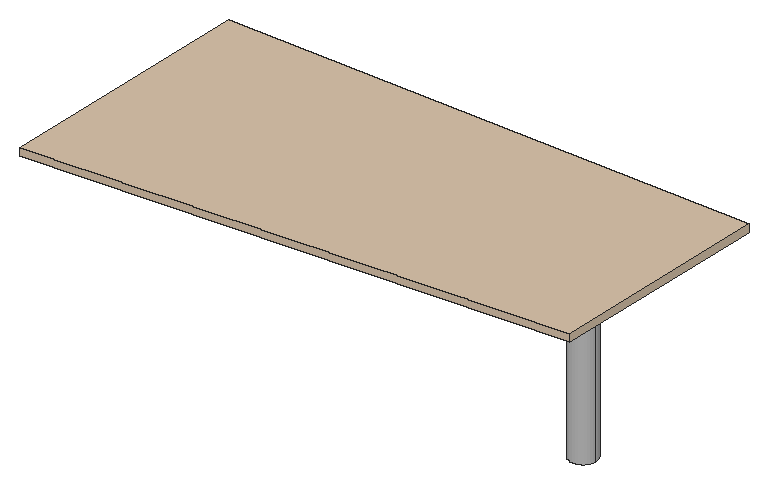
Revit family "Haworth_Masters_ConvergentWorktop-Wedge", category Furniture Systems, Revit 2018
Family settings
  Round Connector Dimension = Use Diameter
  Part Type = Normal
  OmniClass Number = 23.40.70.14.64.21
  OmniClass Title = Systems Furniture
  Work Plane-Based = No
  Always vertical = Yes
  Cut with Voids When Loaded = No
  Shared = No
  Room Calculation Point = No
Parameters (values of type "42d 84w Convergent Worktop - Wedge-Column Support")
  Worksurface Finish [instance] = Haworth _ Wood _ White Oak
  Worksurface Edge Finish [instance] = Haworth _ Wood _ White Oak
  Warranty = "http://www.haworth.com/resources/product-info/warranties"
  URL - Product = "http://www.haworth.com/products/desks/freestanding/masters-series"
  Symbolic Lines = or(Height Adjustable, Hoop Leg)  # no
  Sustainability Info = "http://media.haworth.com/asset/94814/Masters%20series%20PEDS.pdf"
  Support Column = yes
  Leg Finish = Haworth _ Paint _ Metallic Champagne
  Model = "Masters"
  Min. Depth = if(Height Adjustable, 41", 42")  # 42"
  Max. Depth = if(Height Adjustable, 47", 48")  # 48"
  Hoop Leg = not(or(Support Column, Height Adjustable))  # no
  Height Adjustable = no
  Height = 30"
  Width = 84"
  URL = "http://www.haworth.com/"
  Support Height = Actual Height - Worksurface Thickness  # 28 13/16"
  Size = "Verify Final Dim. w/ Haworth"  # constant formula
  Revision Number = "1"  # constant formula
  Min/Max Width = if(Height Adjustable, "58-82 in. @ 6 in. Increments", "60-84 in. @ 6 in. Increments")  # "60-84 in. @ 6 in. Increments"
  Min/Max Height = "28 11/16-32 11/16 in."  # constant formula
  Min. Width = if(Height Adjustable, 58", 60")  # 60"
  Max. Width = if(Height Adjustable, 82", 84")  # 84"
  Min. Height = 28 11/16"  # constant formula
  Max. Height = if(Height Adjustable, 46" + Worksurface Thickness, 31 1/2" + Worksurface Thickness)  # 32 11/16"
  Manufacturer = "Haworth"  # constant formula
  Support Offset = 1 1/4"  # constant formula
  Description = "Masters Worksurface Wedge"
  Depth = 42"
  Custom Size = if(Height Adjustable, not(or(and(Depth = 41", or(Width = 58", Width = 64", Width = 70", Width = 76", Width = 82")), and(Depth = 47", or(Width = 58", Width = 64", Width = 70", Width = 76", Width = 82")))), not(or(and(Depth = 42", or(Width = 60", Width = 66", Width = 72", Width = 78", Width = 84")), and(Depth = 48", or(Width = 60", Width = 66", Width = 72", Width = 78", Width = 84")))))  # no
  Author = "SHAPE Environments, LLC"  # constant formula
  Assembly Code = "E2020200"
  Actual Width = if(Width > Max. Width, Max. Width, if(Width < Min. Width, Min. Width, Width))  # 84"
  Actual Support Depth = Actual Depth - (Support Offset * 2) - 6"  # 33 1/2"
  Actual Height = if(Height > Max. Height, Max. Height, if(Height < Min. Height, Min. Height, Height))  # 30"
  Worksurface Thickness = 1 3/16"  # constant formula
  Min/Max Depth = if(Height Adjustable, "41,47 in.", "42,48 in.")  # "42,48 in."
  Actual Depth = if(Depth > Max. Depth, Max. Depth, if(Depth < Min. Depth, Min. Depth, Depth))  # 42"
Types (3): name | Symbolic Lines | Support Column | Min. Depth | Max. Depth | Hoop Leg | Height Adjustable | Min/Max Width | Min. Width | Max. Width | Max. Height | Custom Size | Actual Width | Min/Max Depth
  42d 84w Convergent Worktop - Wedge-Hoop Leg | yes | no | 42" | 48" | yes | no | "60-84 in. @ 6 in. Increments" | 60" | 84" | 32 11/16" | no | 84" | "42,48 in."
  42d 84w Convergent Worktop - Wedge-Height Adjustable | yes | no | 41" | 47" | no | yes | "58-82 in. @ 6 in. Increments" | 58" | 82" | 47 3/16" | yes | 82" | "41,47 in."
  42d 84w Convergent Worktop - Wedge-Column Support | no | yes | 42" | 48" | no | no | "60-84 in. @ 6 in. Increments" | 60" | 84" | 32 11/16" | no | 84" | "42,48 in."
Reference planes (in)
  plane 1 "Center F/B": y = 0
  plane 2 "Floor": z = 0
  plane 3 "Center L/R": x = 0
  plane 4 "Table Edge Left": x = -42
  plane 5 "Table Edge Right": x = 42
  plane 6 "Table Edge Back": y = -21
  plane 7 "Table Edge Front": y = 21
  plane 8 "Table Bottom": z = 30
  plane 9 "Support Front Offset": y = -19.75
  plane 10 "Support Back Offset": y = 19.75
  plane 11 "masking region": z = 28
  plane 12: x = 40.7
  plane 13: x = -40.7
  plane 14 "Center of short side": y = 3
  plane 15: x = 29.7
Lines and regions (in)
  Masking region 1
    outline origin (0, 0, 28) x (0, -1, 0) y (1, 0, 0)
      loop
        line (-21, -42) -> (21, -42) -> (15.11702, 42) -> (-21, 42) -> (-21, -42)
  symbolic lines, style "Haworth Hidden", visible <- "Height Adjustable", detail levels fine
    curve 1: line (36.89922, -11.25, 0) -> (40.7, -11.25, 0)
    curve 2: line (36.89922, 17.25, 0) -> (36.89922, -11.25, 0)
    curve 3: line (40.7, 17.25, 0) -> (36.89922, 17.25, 0)
    curve 12: line (-36.89922, -11.25, 0) -> (-40.7, -11.25, 0)
    curve 13: line (-36.89922, 17.25, 0) -> (-36.89922, -11.25, 0)
    curve 14: line (-40.7, 17.25, 0) -> (-36.89922, 17.25, 0)
  symbolic lines, style "Haworth Hidden", visible <- "Symbolic Lines", detail levels fine
    curve 4: line (40.7, -11.25, 0) -> (40.7, 17.25, 0)
    curve 15: line (-40.7, -11.25, 0) -> (-40.7, 17.25, 0)
  symbolic lines, style "Haworth Hidden", visible <- "Hoop Leg", detail levels fine
    curve 5: line (38.7, -13.375, 0) -> (40.7, -13.375, 0)
    curve 6: line (40.7, 19.375, 0) -> (38.7, 19.375, 0)
    curve 7: line (38.7, 19.375, 0) -> (38.7, -13.375, 0)
    curve 8: line (40.7, -13.375, 0) -> (40.7, -11.25, 0)
    curve 9: line (40.7, 17.25, 0) -> (40.7, 19.375, 0)
    curve 16: line (-38.7, -13.375, 0) -> (-40.7, -13.375, 0)
    curve 17: line (-40.7, 19.375, 0) -> (-38.7, 19.375, 0)
    curve 18: line (-38.7, 19.375, 0) -> (-38.7, -13.375, 0)
    curve 19: line (-40.7, -13.375, 0) -> (-40.7, -11.25, 0)
    curve 20: line (-40.7, 17.25, 0) -> (-40.7, 19.375, 0)
  symbolic lines, style "Haworth Hidden", visible <- "Support Column", detail levels fine
    curve 10: arc (27.6, 3, 0) -> (29.7, 0.9, 0) -> (31.8, 3, 0) r 2.1
    curve 11: arc (31.8, 3, 0) -> (29.7, 5.1, 0) -> (27.6, 3, 0) r 2.1
Dimensions and locks (in)
  "Actual Depth": plane 7 "Table Edge Front" to plane 6 "Table Edge Back"
  "Actual Width": plane 4 "Table Edge Left" to plane 5 "Table Edge Right"
  equal spacing: plane 4 "Table Edge Left", plane 3 "Center L/R", plane 5 "Table Edge Right"
  equal spacing: plane 7 "Table Edge Front", plane 1 "Center F/B", plane 6 "Table Edge Back"
  "Support Offset": plane 9 "Support Front Offset" to plane 6 "Table Edge Back"
  "Support Offset": plane 7 "Table Edge Front" to plane 10 "Support Back Offset"
  "Actual Height": plane 8 "Table Bottom" to level
  locked: plane 8 "Table Bottom" to plane 11 "masking region" at 2
  plane 5 "Table Edge Right" to plane 12 = 1.3"
  plane 4 "Table Edge Left" to plane 13 = 1.3"
  locked: plane 1 "Center F/B" to plane 14 "Center of short side" at 3
  locked: plane 15 to plane 12 at 11
  aligned and locked: plane 4 "Table Edge Left" to Masking region 1 sketch curve
  aligned and locked: Masking region 1 sketch curve to plane 7 "Table Edge Front"
  aligned and locked: plane 14 "Center of short side" to nested 1
  aligned and locked: Masking region 1 sketch curve to plane 5 "Table Edge Right"
  aligned and locked: nested 1 to plane 12
  aligned and locked: nested 3 to plane 12
  aligned and locked: plane 14 "Center of short side" to nested 3
  aligned and locked: plane 15 to nested 1
  aligned and locked: plane 12 to curve 8
  aligned and locked: plane 12 to curve 9
  aligned and locked: plane 7 "Table Edge Front" to nested 2
  aligned and locked: plane 5 "Table Edge Right" to nested 2
  aligned and locked: nested 4 to plane 13
  aligned and locked: nested 4 to plane 14 "Center of short side"
Automatic sketch dimensions
  Masking region 1 sketch curve to plane 6 "Table Edge Back" = 0"
  plane 9 "Support Front Offset" to Masking region 1 sketch curve = 4.63298"
  curve 10 to curve 11 = 0"  (x2)
  curve 20 to plane 13 = 0"
  curve 10 to plane 14 "Center of short side" = 0"
  curve 10 to plane 15 = 0"
  curve 17 to plane 10 "Support Back Offset" = 3/8"
  curve 17 to plane 13 = 2"
  curve 17 to curve 13 = 1 205/256"
  curve 2 to curve 3 = 3 205/256"
  curve 7 to plane 10 "Support Back Offset" = 3/8"
  curve 7 to curve 6 = 2"
  plane 9 "Support Front Offset" to curve 12 = 8 1/2"
  plane 9 "Support Front Offset" to curve 8 = 8 1/2"
  curve 8 to curve 1 = 2 1/8"
  curve 16 to curve 12 = 2 1/8"
  curve 4 to curve 6 = 2 1/8"
  curve 13 to plane 10 "Support Back Offset" = 2 1/2"
  plane 15 to curve 10 = 2.1"
Nested families (in)
  nested 1: "Haworth_Worksurface-Support_Part-Masters" at (31.2, 12.61431, 0), type "Support"
    with Straight Support Extension 20 3/4", Hoop Leg Support Extension 29 5/8", Hoop Leg Bottom Support Extension 29 9/16", Angled Support Extension 17 1/2", Worksurface Depth 42", Support Hoop Leg no, Actual Depth 33 1/2"
  nested 2: "Haworth_Worksurface-Wedge" at (0, -15, 0), type "Worksurface"
    with Width 84", Min. Width 60", Max. Width 84", Min. Height 28 11/16", Max. Height 32 11/16", Height 30", Actual Width 84", Actual Depth 42"
  nested 3: "Haworth_Worksurface-Adjustable-Support_Part-Masters" at (30.29961, 12.61431, 0), visible <- "Height Adjustable", type "Corner Support"
    with Shroud no, Worksurface Depth 33 1/2", Actual Depth 33 1/2"
  nested 4: "Haworth_Worksurface-Adjustable-Support_Part-Masters" at (-30.29961, 12.61431, 0) x (-1, 0, 0) z (0, 0, 1), visible <- "Height Adjustable", type "Corner Support"
    with Shroud no, Worksurface Depth 33 1/2", Actual Depth 33 1/2"
Definition of nested family "Haworth_Worksurface-Support_Part-Masters"
  Parameters (values of type "Corner Support")
    Support Offset = 3/8"  # constant formula
    Worksurface Height = 30"
    Worksurface Depth = 30"
    Warranty = "www.haworth.com/en-us/Products/Pages/Certifications.aspx"
    URL - Product = "www.haworth.com/en-us/Spaces/2011-NeoCon/New-Products/Pages/Reside-Desking.aspx"
    URL = "www.haworth.com"
    Top Thickness = 1 3/16"
    Sustainability Info = "www.haworth.com/en-us/About-Us/Sustainability/Pages/Vision.aspx"
    Support Thickness = 2"  # constant formula
    Support Height = 28 13/16"
    Support Hoop Leg = no
    Straight Support Extension [instance] = 20 3/4"
    Spacer Depth = 15"  # constant formula
    Size = "Verify Final Dim. w/ Haworth"  # constant formula
    Revision Number = "1"  # constant formula
    Model = "Worksurface"
    Min/Max Height = "26-32 in."  # constant formula
    Min/Max Depth = "18-36 in."  # constant formula
    Min. Height = 20"  # constant formula
    Min. Depth = 18"  # constant formula
    Max. Height = 48"  # constant formula
    Max. Depth = 36"  # constant formula
    Manufacturer = "Haworth"  # constant formula
    Leg Finish = none
    LEED Data = "www2.haworth.com/Promo/Reside-Beside-Belong/LEED-Reside.pdf"
    Hoop Leg Support Extension [instance] = 29 5/8"
    Hoop Leg Bottom Support Extension [instance] = 29 9/16"
    Gap Depth = 3"  # constant formula
    Description = "Worksurface Support Reside"  # constant formula
    Corner Straight Support Extension = 5 3/4"  # constant formula
    Corner Angled Support Extension = 2 1/2"  # constant formula
    Column Support = yes
    Bottom Strut Thickness = 1"  # constant formula
    Bottom Strut Location = 9"  # constant formula
    Author = "SHAPE Environments, LLC"  # constant formula
    Assembly Code = "E2020200"
    Angled Support Extension [instance] = 17 1/2"
    Actual Height = 30"
    Actual Depth = 30"
  Types (2): name | Worksurface Height | URL - Product | Support Hoop Leg | LEED Data | Actual Depth
    Corner Support | 30" | "www.haworth.com/en-us/Spaces/2011-NeoCon/New-Products/Pages/Reside-Desking.aspx" | no | "www2.haworth.com/Promo/Reside-Beside-Belong/LEED-Reside.pdf" | 30"
    Support | 28 13/16" | "www.haworth.com/en-us/Products/Furniture/Systems/Desking-Systems/Pages/Compose.aspx" | yes | "www.haworth.com/en-us/Products/Furniture/Systems/Desking-Systems/Pages/Compose.aspx" | 27 1/2"
  Reference planes (in)
    plane 1: z = 0
    plane 2 "Center L/R": x = 8.5
    plane 3 "Support Left Edge": x = 7.5
    plane 4 "Support Right Edge": x = 9.5
    plane 5 "Back": y = 7.13569
    plane 6 "Front": y = -22.86431
    plane 7 "Support Top": z = 28.8125
    plane 8 "Mid Strut Top": z = 0.8125
    plane 9 "Mid Strut Bottom": z = 3.4375
    plane 10 "Top Strut Bottom": z = 27.625
    plane 11 "Front Support Exterior": y = -22.48931
    plane 12 "Front Support Interior": y = -21.48931
    plane 13 "Back Support Interior": y = 5.76069
    plane 14 "Back Support Exterior": y = 6.76069
    plane 15 "Center F/B": y = -7.86431
    plane 16 "Leg Top": z = 28.5625
    plane 17: x = -1.5
  Forms (in)
    Extrusion 1, solid, material <- "Leg Finish", visible <- "Support Hoop Leg"
      sketch origin (8.5, 0, 0) x (0, 1, 0) y (0, 0, 1)
        loop
          line (5.76069, 0.8125) -> (-21.48931, 0.8125) -> (-21.48931, 28.8125) -> (-22.48931, 28.8125) -> (-22.48931, 0) -> (6.76069, 0) -> (6.76069, 28.8125) -> (5.76069, 28.8125) -> (5.76069, 0.8125)
      from -1 to 1
    Extrusion 2, solid, material <- "Leg Finish", visible <- "Column Support"
      sketch origin (0, 0, 0) x (1, 0, 0) y (0, 1, 0)
        loop
          circle (-1.5, -7.86431) r 2.1
      from 0 to 28.8125
  Dimensions and locks (in)
    "Support Thickness": plane 3 "Support Left Edge" to plane 4 "Support Right Edge"
    equal spacing: plane 3 "Support Left Edge", plane 2 "Center L/R", plane 4 "Support Right Edge"
    "Actual Depth": plane 5 "Back" to plane 6 "Front"
    plane 7 "Support Top" to plane 10 "Top Strut Bottom" = 1 3/16"
    "Support Height": plane 7 "Support Top" to level
    locked: plane 5 "Back" to plane 14 "Back Support Exterior" at 0.375
    locked: plane 14 "Back Support Exterior" to plane 13 "Back Support Interior" at 1
    plane 12 "Front Support Interior" to plane 11 "Front Support Exterior" to plane 6 "Front" = 1" locked, 3/8" locked
    plane 7 "Support Top" to plane 9 "Mid Strut Bottom" = 25 3/8"
    equal spacing: plane 5 "Back", plane 15 "Center F/B", plane 6 "Front"
    plane 8 "Mid Strut Top" to level = 13/16"
    locked: plane 7 "Support Top" to plane 16 "Leg Top" at 0.25
    plane 17 to plane 2 "Center L/R" = 10"
    aligned and locked: plane 7 "Support Top" to Extrusion 2
    aligned and locked: Extrusion 2 to level
    aligned and locked: plane 4 "Support Right Edge" to Extrusion 1
    aligned and locked: plane 3 "Support Left Edge" to Extrusion 1
  Automatic sketch dimensions
    Extrusion 2 sketch curve to plane 15 "Center F/B" = 0"
    Extrusion 2 sketch curve to plane 17 = 0"
    Extrusion 1 sketch curve to level = 0"
    Extrusion 1 sketch curve to plane 11 "Front Support Exterior" = 0"
    Extrusion 1 sketch curve to plane 7 "Support Top" = 0"  (x2)
    Extrusion 1 sketch curve to plane 12 "Front Support Interior" = 0"
    Extrusion 1 sketch curve to plane 13 "Back Support Interior" = 0"
    Extrusion 1 sketch curve to plane 14 "Back Support Exterior" = 0"
    Extrusion 1 sketch curve to plane 8 "Mid Strut Top" = 0"
    radius of Extrusion 2 sketch curve = 2.1"
Definition of nested family "Haworth_Worksurface-Wedge"
  Parameters (values of type "Worksurface")
    Width = 0"
    Warranty = ""
    URL - Product = ""
    URL = "www.haworth.com"
    Table Thickness = 1 3/16"
    Table Finish = none
    Table Edge Finish = none
    Sustainability Info = ""
    Squared Corners = yes
    Size = "Verify Final Dim. w/ Haworth"  # constant formula
    Rounded Corners = no
    Revision Number = ""
    OmniClass Number = ""
    Min/Max Width = ""
    Min/Max Height = ""
    Min. Width = 0"
    Max. Width = 0"
    Min. Height = 0"
    Max. Height = 0"
    Material Options = ""
    Manufacturer = "Haworth"  # constant formula
    LEED Data = ""
    Height = 0"
    Author = "SHAPE Environments, LLC"  # constant formula
    Assembly Code = ""
    Actual Width = 58"
    Actual Height = 30"
    Actual Depth = 36"
  Reference planes (in)
    plane 1 "Center F/B": y = 15
    plane 2: z = 0
    plane 3 "Center L/R": x = 0
    plane 4 "Table Front": y = 33
    plane 5 "Table Right": x = 29
    plane 6 "Table Left": x = -29
    plane 7 "Table Back": y = -3
    plane 8 "Table Top": z = 30
    plane 9 "Table Bottom": z = 28.8125
  Forms (in)
    Extrusion 1, solid, material <- "Table Finish", visible <- "Squared Corners"
      sketch origin (0, 0, 0) x (1, 0, 0) y (0, 1, 0)
        loop
          line (-29, 33) -> (-29, -3) -> (29, 3) -> (29, 33) -> (-29, 33)
      from 28.8125 to 30
    Extrusion 2, solid, material <- "Table Finish", visible <- "Rounded Corners"
      sketch origin (0, 0, 0) x (1, 0, 0) y (0, 1, 0)
        loop
          line (-29, 33) -> (-29, -3) -> (29, 3) -> (29, 33) -> (-29, 33)
      from 28.8125 to 30
  Dimensions and locks (in)
    "Actual Depth": plane 7 "Table Back" to plane 4 "Table Front"
    "Actual Width": plane 6 "Table Left" to plane 5 "Table Right"
    equal spacing: plane 6 "Table Left", plane 3 "Center L/R", plane 5 "Table Right"
    equal spacing: plane 4 "Table Front", plane 1 "Center F/B", plane 7 "Table Back"
    "Table Thickness": plane 8 "Table Top" to plane 9 "Table Bottom"
    "Actual Height": plane 8 "Table Top" to level
    locked: plane 7 "Table Back" to Extrusion 2 sketch curve at 6
    aligned and locked: plane 6 "Table Left" to Extrusion 1 sketch curve
    aligned and locked: Extrusion 1 sketch curve to plane 4 "Table Front"
    aligned and locked: plane 5 "Table Right" to Extrusion 1 sketch curve
    aligned and locked: plane 8 "Table Top" to Extrusion 1
    aligned and locked: Extrusion 1 to plane 9 "Table Bottom"
    aligned and locked: plane 6 "Table Left" to Extrusion 2 sketch curve
    aligned and locked: plane 5 "Table Right" to Extrusion 2 sketch curve
    aligned and locked: Extrusion 2 sketch curve to plane 4 "Table Front"
    aligned and locked: plane 8 "Table Top" to Extrusion 2
    aligned and locked: Extrusion 2 to plane 9 "Table Bottom"
    aligned and locked: Extrusion 1 sketch curve to Extrusion 2
  Automatic sketch dimensions
    plane 7 "Table Back" to Extrusion 2 sketch curve = 0"
    Extrusion 2 sketch curve to plane 5 "Table Right" = 0"
Definition of nested family "Haworth_Worksurface-Adjustable-Support_Part-Masters"
  Parameters (values of type "Corner Support")
    Wedge support offset = if(Worksurface Depth = 30", 4", if(Worksurface Depth = 36", 7", if(Worksurface Depth = 42", 2 205/256", 4")))  # 4"
    Support Offset = 3/8"  # constant formula
    Worksurface Height = 30"
    Worksurface Depth = 30"
    Warranty = "www.haworth.com/en-us/Products/Pages/Certifications.aspx"
    URL - Product = "www.haworth.com/en-us/Spaces/2011-NeoCon/New-Products/Pages/Reside-Desking.aspx"
    URL = "www.haworth.com"
    Top Thickness = 1 3/16"
    Sustainability Info = "www.haworth.com/en-us/About-Us/Sustainability/Pages/Vision.aspx"
    Support Thickness = 3 205/256"  # constant formula
    Support Height = Worksurface Height - Top Thickness  # 28 13/16"
    Spacer Depth = 15"  # constant formula
    Size = "Verify Final Dim. w/ Haworth"  # constant formula
    Shroud [instance] = yes
    Revision Number = "1"  # constant formula
    Panel Finish = none
    Model = "Worksurface"
    Min/Max Height = "26-32 in."  # constant formula
    Min/Max Depth = "18-36 in."  # constant formula
    Min. Height = 20"  # constant formula
    Min. Depth = 18"  # constant formula
    Max. Height = 48"  # constant formula
    Max. Depth = 36"  # constant formula
    Manufacturer = "Haworth"  # constant formula
    Leg Finish = none
    LEED Data = "www2.haworth.com/Promo/Reside-Beside-Belong/LEED-Reside.pdf"
    Gap Depth = 3"  # constant formula
    Description = "Worksurface Support Reside"  # constant formula
    Corner Straight Support Extension = 5 3/4"  # constant formula
    Corner Angled Support Extension = 2 1/2"  # constant formula
    Bottom Strut Thickness = 1"  # constant formula
    Bottom Strut Location = 9"  # constant formula
    Author = "SHAPE Environments, LLC"  # constant formula
    Assembly Code = "E2020200"
    Actual Height = 30"
    Actual Depth = 30"
  Types (2): name | Worksurface Height | URL - Product | Support Height | LEED Data | Actual Depth
    Corner Support | 30" | "www.haworth.com/en-us/Spaces/2011-NeoCon/New-Products/Pages/Reside-Desking.aspx" | 28 13/16" | "www2.haworth.com/Promo/Reside-Beside-Belong/LEED-Reside.pdf" | 30"
    Support | 28 13/16" | "www.haworth.com/en-us/Products/Furniture/Systems/Desking-Systems/Pages/Compose.aspx" | 27 5/8" | "www.haworth.com/en-us/Products/Furniture/Systems/Desking-Systems/Pages/Compose.aspx" | 27 1/2"
  Reference planes (in)
    plane 1: z = 0
    plane 2 "Center L/R": x = 8.5
    plane 3 "Support Left Edge": x = 6.59961
    plane 4 "Support Right Edge": x = 10.40039
    plane 5 "Back": y = 7.13569
    plane 6 "Front": y = -22.86431
    plane 7 "Support Top": z = 28.8125
    plane 8 "Mid Strut Top": z = 0.8125
    plane 9 "Mid Strut Bottom": z = 3.4375
    plane 10 "Top Strut Bottom": z = 27.625
    plane 11 "Front Support Exterior": y = -20.36431
    plane 12 "Front Support Interior": y = -16.36431
    plane 13 "Back Support Interior": y = 0.63569
    plane 14 "Back Support Exterior": y = 4.63569
    plane 15 "Center F/B": y = -7.86431
    plane 16 "Leg Top": z = 28.5625
    plane 17: z = 25.3125
  Forms (in)
    Extrusion 1, solid, material <- "Leg Finish"
      sketch origin (8.5, 0, 0) x (0, 1, 0) y (0, 0, 1)
        loop
          line (4.63569, 0) -> (4.63569, 0.8125) -> (-20.36431, 0.8125) -> (-20.36431, 0) -> (4.63569, 0)
      from -1.90039 to 1.90039
    Extrusion 2, solid, material <- "Leg Finish"
      sketch origin (8.5, 0, 0) x (0, 1, 0) y (0, 0, 1)
        loop
          line (-6.56431, 0.8125) -> (-6.56431, 25.3125) -> (-9.16431, 25.3125) -> (-9.16431, 0.8125) -> (-6.56431, 0.8125)
      from -1.30078 to 1.30078
    Extrusion 3, solid, material <- "Leg Finish"
      sketch origin (8.5, 0, 0) x (0, 1, 0) y (0, 0, 1)
        loop
          line (-6.71431, 25.3125) -> (-6.71431, 28.8125) -> (-9.01431, 28.8125) -> (-9.01431, 25.3125) -> (-6.71431, 25.3125)
      from -1.14844 to 0.90039
    Extrusion 4, solid, material <- "Leg Finish"
      sketch origin (10.40039, 0, 0) x (0, 1, 0) y (0, 0, 1)
        loop
          line (0.63569, 28.5625) -> (0.63569, 28.8125) -> (-16.36431, 28.8125) -> (-16.36431, 28.5625) -> (-9.80762, 26.51695) -> (-5.921, 26.51695) -> (0.63569, 28.5625)
      from -1 to 0
    Extrusion 5, solid, material <- "Panel Finish", visible <- "Shroud"
      sketch origin (0, 0, 0) x (1, 0, 0) y (0, 1, 0)
        loop
          line (5.84961, 5.38569) -> (5.84961, -21.11431) -> (6.59961, -21.11431) -> (11.15039, -21.11431) -> (11.15039, -20.36431) -> (11.15039, 5.38569) -> (10.40039, 5.38569) -> (5.84961, 5.38569)
        loop
          line (7.19922, -6.56431) -> (7.19922, -9.16431) -> (9.80078, -9.16431) -> (9.80078, -6.56431) -> (7.19922, -6.56431)
      from 0.5 to 21.5
  Dimensions and locks (in)
    "Support Thickness": plane 3 "Support Left Edge" to plane 4 "Support Right Edge"
    equal spacing: plane 3 "Support Left Edge", plane 2 "Center L/R", plane 4 "Support Right Edge"
    "Actual Depth": plane 5 "Back" to plane 6 "Front"
    plane 7 "Support Top" to plane 10 "Top Strut Bottom" = 1 3/16"
    "Support Height": plane 7 "Support Top" to level
    "Wedge support offset": plane 14 "Back Support Exterior" to plane 13 "Back Support Interior"
    plane 7 "Support Top" to plane 9 "Mid Strut Bottom" = 25 3/8"
    equal spacing: plane 5 "Back", plane 15 "Center F/B", plane 6 "Front"
    plane 8 "Mid Strut Top" to level = 13/16"
    locked: plane 7 "Support Top" to plane 16 "Leg Top" at 0.25
    locked: Extrusion 4 sketch curve to Extrusion 4 sketch curve at 2.29555
    locked: Extrusion 4 sketch curve to Extrusion 4 sketch curve at 0.25  (x2)
    plane 5 "Back" to plane 6 "Front" = 30"
    locked: plane 5 "Back" to plane 14 "Back Support Exterior" at 2.5
    locked: plane 11 "Front Support Exterior" to plane 6 "Front" at 2.5
    "Wedge support offset": plane 12 "Front Support Interior" to plane 11 "Front Support Exterior"
    locked: Extrusion 5 sketch curve to Extrusion 1 at 0.75  (x3)
    locked: Extrusion 1 to Extrusion 5 sketch curve at 0.75
    aligned and locked: plane 4 "Support Right Edge" to Extrusion 1
    aligned and locked: plane 3 "Support Left Edge" to Extrusion 1
    aligned and locked: plane 17 to Extrusion 2
    aligned and locked: plane 17 to Extrusion 3 sketch curve
    aligned and locked: Extrusion 3 sketch curve to plane 7 "Support Top"
    aligned and locked: plane 13 "Back Support Interior" to Extrusion 4 sketch curve
    aligned and locked: Extrusion 4 sketch curve to plane 7 "Support Top"
    aligned and locked: Extrusion 4 to Extrusion 3
    aligned and locked: plane 4 "Support Right Edge" to Extrusion 4
    aligned and locked: Extrusion 4 sketch curve to plane 13 "Back Support Interior"
    aligned and locked: plane 12 "Front Support Interior" to Extrusion 4 sketch curve
  Automatic sketch dimensions
    Extrusion 1 sketch curve to level = 0"
    Extrusion 1 sketch curve to plane 11 "Front Support Exterior" = 0"
    Extrusion 1 sketch curve to plane 8 "Mid Strut Top" = 0"
    Extrusion 1 sketch curve to plane 14 "Back Support Exterior" = 0"
    Extrusion 2 sketch curve to plane 8 "Mid Strut Top" = 0"
    Extrusion 2 sketch curve to plane 17 = 0"
    Extrusion 2 sketch curve to plane 15 "Center F/B" = 1.3"
    plane 15 "Center F/B" to Extrusion 2 sketch curve = 1.3"
    Extrusion 3 sketch curve to plane 15 "Center F/B" = 1.15"
    plane 15 "Center F/B" to Extrusion 3 sketch curve = 1.15"
    Extrusion 4 sketch curve to plane 15 "Center F/B" = 1.94331"
    plane 15 "Center F/B" to Extrusion 4 sketch curve = 1.94331"
    Extrusion 5 sketch curve to plane 3 "Support Left Edge" = 0"
    Extrusion 5 sketch curve to plane 4 "Support Right Edge" = 0"
    plane 11 "Front Support Exterior" to Extrusion 5 sketch curve = 0"
    Extrusion 5 sketch curve to plane 3 "Support Left Edge" = 0.59961"
    Extrusion 5 sketch curve to plane 4 "Support Right Edge" = 0.59961"
    Extrusion 5 sketch curve to plane 15 "Center F/B" = 1.3"
    plane 15 "Center F/B" to Extrusion 5 sketch curve = 1.3"
Types in the file's own list only (27): name | Symbolic Lines | Support Column | Min. Depth | Max. Depth | Hoop Leg | Height Adjustable | Width | Min/Max Width | Min. Width | Max. Width | Max. Height | Description | Depth | Actual Width | Actual Support Depth | Min/Max Depth | Actual Depth
  41d 58w - Wedge Radius - Height Adjustable | Yes | No | 41" | 47" | No | Yes | 58" | "58-82 in. @ 6 in. Increments" | 58" | 82" | 47 3/16" | "41d 58w - Wedge Radius - Height Adjustable" | 41" | 58" | 32 1/2" | "41,47 in." | 41"
  41d 64w - Wedge Radius - Height Adjustable | Yes | No | 41" | 47" | No | Yes | 64" | "58-82 in. @ 6 in. Increments" | 58" | 82" | 47 3/16" | "41d 64w - Wedge Radius - Height Adjustable" | 41" | 64" | 32 1/2" | "41,47 in." | 41"
  41d 70w - Wedge Radius - Height Adjustable | Yes | No | 41" | 47" | No | Yes | 70" | "58-82 in. @ 6 in. Increments" | 58" | 82" | 47 3/16" | "41d 70w - Wedge Radius - Height Adjustable" | 41" | 70" | 32 1/2" | "41,47 in." | 41"
  41d 76w - Wedge Radius - Height Adjustable | Yes | No | 41" | 47" | No | Yes | 76" | "58-82 in. @ 6 in. Increments" | 58" | 82" | 47 3/16" | "41d 76w - Wedge Radius - Height Adjustable" | 41" | 76" | 32 1/2" | "41,47 in." | 41"
  41d 82w - Wedge Radius - Height Adjustable | Yes | No | 41" | 47" | No | Yes | 82" | "58-82 in. @ 6 in. Increments" | 58" | 82" | 47 3/16" | "41d 82w - Wedge Radius - Height Adjustable" | 41" | 82" | 32 1/2" | "41,47 in." | 41"
  47d 58w - Wedge Radius - Height Adjustable | Yes | No | 41" | 47" | No | Yes | 58" | "58-82 in. @ 6 in. Increments" | 58" | 82" | 47 3/16" | "47d 58w - Wedge Radius - Height Adjustable" | 47" | 58" | 38 1/2" | "41,47 in." | 47"
  47d 64w - Wedge Radius - Height Adjustable | Yes | No | 41" | 47" | No | Yes | 64" | "58-82 in. @ 6 in. Increments" | 58" | 82" | 47 3/16" | "47d 64w - Wedge Radius - Height Adjustable" | 47" | 64" | 38 1/2" | "41,47 in." | 47"
  47d 70w - Wedge Radius - Height Adjustable | Yes | No | 41" | 47" | No | Yes | 70" | "58-82 in. @ 6 in. Increments" | 58" | 82" | 47 3/16" | "47d 70w - Wedge Radius - Height Adjustable" | 47" | 70" | 38 1/2" | "41,47 in." | 47"
  47d 76w - Wedge Radius - Height Adjustable | Yes | No | 41" | 47" | No | Yes | 76" | "58-82 in. @ 6 in. Increments" | 58" | 82" | 47 3/16" | "47d 76w - Wedge Radius - Height Adjustable" | 47" | 76" | 38 1/2" | "41,47 in." | 47"
  47d 82w - Wedge Radius - Height Adjustable | Yes | No | 41" | 47" | No | Yes | 82" | "58-82 in. @ 6 in. Increments" | 58" | 82" | 47 3/16" | "47d 82w - Wedge Radius - Height Adjustable" | 47" | 82" | 38 1/2" | "41,47 in." | 47"
  42d 60w - Wedge Radius - Column | No | Yes | 42" | 48" | No | No | 60" | "60-84 in. @ 6 in. Increments" | 60" | 84" | 32 11/16" | "42d 60w - Wedge Radius - Column" | 42" | 60" | 33 1/2" | "42,48 in." | 42"
  42d 66w - Wedge Radius - Column | No | Yes | 42" | 48" | No | No | 66" | "60-84 in. @ 6 in. Increments" | 60" | 84" | 32 11/16" | "42d 66w - Wedge Radius - Column" | 42" | 66" | 33 1/2" | "42,48 in." | 42"
  42d 72w - Wedge Radius - Column | No | Yes | 42" | 48" | No | No | 72" | "60-84 in. @ 6 in. Increments" | 60" | 84" | 32 11/16" | "42d 72w - Wedge Radius - Column" | 42" | 72" | 33 1/2" | "42,48 in." | 42"
  42d 78w - Wedge Radius - Column | No | Yes | 42" | 48" | No | No | 78" | "60-84 in. @ 6 in. Increments" | 60" | 84" | 32 11/16" | "42d 78w - Wedge Radius - Column" | 42" | 78" | 33 1/2" | "42,48 in." | 42"
  42d 84w - Wedge Radius - Column | No | Yes | 42" | 48" | No | No | 84" | "60-84 in. @ 6 in. Increments" | 60" | 84" | 32 11/16" | "42d 84w - Wedge Radius - Column" | 42" | 84" | 33 1/2" | "42,48 in." | 42"
  48d 60w - Wedge Radius - Column | No | Yes | 42" | 48" | No | No | 60" | "60-84 in. @ 6 in. Increments" | 60" | 84" | 32 11/16" | "48d 60w - Wedge Radius - Column" | 48" | 60" | 39 1/2" | "42,48 in." | 48"
  48d 66w - Wedge Radius - Column | No | Yes | 42" | 48" | No | No | 66" | "60-84 in. @ 6 in. Increments" | 60" | 84" | 32 11/16" | "48d 66w - Wedge Radius - Column" | 48" | 66" | 39 1/2" | "42,48 in." | 48"
  48d 72w - Wedge Radius - Column | No | Yes | 42" | 48" | No | No | 72" | "60-84 in. @ 6 in. Increments" | 60" | 84" | 32 11/16" | "48d 72w - Wedge Radius - Column" | 48" | 72" | 39 1/2" | "42,48 in." | 48"
  48d 78w - Wedge Radius - Column | No | Yes | 42" | 48" | No | No | 78" | "60-84 in. @ 6 in. Increments" | 60" | 84" | 32 11/16" | "48d 78w - Wedge Radius - Column" | 48" | 78" | 39 1/2" | "42,48 in." | 48"
  48d 84w - Wedge Radius - Column | No | Yes | 42" | 48" | No | No | 84" | "60-84 in. @ 6 in. Increments" | 60" | 84" | 32 11/16" | "48d 84w - Wedge Radius - Column" | 48" | 84" | 39 1/2" | "42,48 in." | 48"
  42d 60w - Wedge Radius - Hoop | Yes | No | 42" | 48" | Yes | No | 60" | "60-84 in. @ 6 in. Increments" | 60" | 84" | 32 11/16" | "42d 60w - Wedge Radius - Hoop" | 42" | 60" | 33 1/2" | "42,48 in." | 42"
  42d 66w - Wedge Radius - Hoop | Yes | No | 42" | 48" | Yes | No | 66" | "60-84 in. @ 6 in. Increments" | 60" | 84" | 32 11/16" | "42d 66w - Wedge Radius - Hoop" | 42" | 66" | 33 1/2" | "42,48 in." | 42"
  42d 72w - Wedge Radius - Hoop | Yes | No | 42" | 48" | Yes | No | 72" | "60-84 in. @ 6 in. Increments" | 60" | 84" | 32 11/16" | "42d 72w - Wedge Radius - Hoop" | 48" | 72" | 39 1/2" | "42,48 in." | 48"
  42d 78w - Wedge Radius - Hoop | Yes | No | 42" | 48" | Yes | No | 78" | "60-84 in. @ 6 in. Increments" | 60" | 84" | 32 11/16" | "42d 78w - Wedge Radius - Hoop" | 48" | 78" | 39 1/2" | "42,48 in." | 48"
  42d 84w - Wedge Radius - Hoop | Yes | No | 42" | 48" | Yes | No | 84" | "60-84 in. @ 6 in. Increments" | 60" | 84" | 32 11/16" | "42d 84w - Wedge Radius - Hoop" | 48" | 84" | 39 1/2" | "42,48 in." | 48"
  36d 60w - Wedge Radius - Hoop | Yes | No | 42" | 48" | Yes | No | 60" | "60-84 in. @ 6 in. Increments" | 60" | 84" | 32 11/16" | "36d 60w - Wedge Radius - Hoop" | 48" | 60" | 39 1/2" | "42,48 in." | 48"
  36d 66w - Wedge Radius - Hoop | Yes | No | 42" | 48" | Yes | No | 66" | "60-84 in. @ 6 in. Increments" | 60" | 84" | 32 11/16" | "36d 66w - Wedge Radius - Hoop" | 48" | 66" | 39 1/2" | "42,48 in." | 48"
